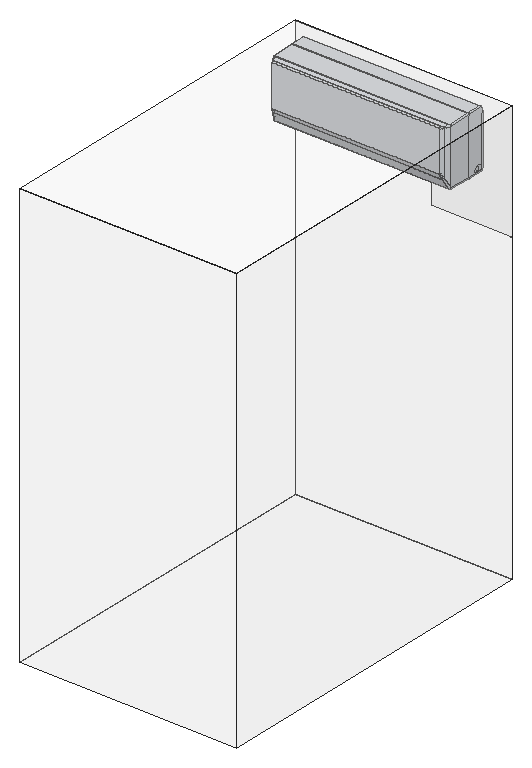
Revit family "pk-rp28112lka20_60hz", category 機械設備, Revit 2019
Family settings
  丸型コネクタ寸法 = 直径を使用
  パーツ タイプ = 標準
  OmniClass 番号 = 23.75.10.24.21.27.27
  OmniClass タイトル = Split System Air Conditioning Units
  作業面ベース = いいえ
  常に垂直 = はい
  ロード時にボイドで切り取り = いいえ
  共有 = いいえ
  部屋計算ポイント = はい
Parameters (values of type "壁掛_PK-RP28LA4")
  風量_静 (m3/min) = 6.3
  風量_強 (m3/min) = 8.7
  風量_弱 (m3/min) = 7.3
  風量_中 (m3/min) = 8
  風量 = MAX風量  # 522.0 m³/h
  音響パワーレベル_静 (dB) = 45
  音響パワーレベル_弱 (dB) = 48
  音響パワーレベル_中 (dB) = 50
  音響パワーレベル_強 (dB) = 52
  音響パワーレベル(dB) = [音響パワーレベル_強 (dB)]  # 52
  電源種別 = ""
  電源_H = 0 mm
  電圧 = 0 V
  電動機出力_送風機 = 0.03 kW
  運転質量 = 0.00 kg
  連動 = ""
  質量 = if(製品質量 > 運転質量, 製品質量, 運転質量) * 1.2  # 15.00 kg
  負荷分類 = 3_ファン類
  構成品番 = "PK-RP28LA4"
  壁掛_PK-RP80_112KA17 = no
  壁掛_PK-RP56_71KA17 = no
  壁掛_PK-RP40_50LA = yes
  冷媒液管位置-Z = 280 mm
  冷媒液管位置-Y = 23 mm
  冷媒液管位置-X = 711 mm
  冷媒ガス管位置-Z = 268 mm
  冷媒ガス管位置-Y = 23 mm
  冷媒ガス管位置-X = 642 mm
  ドレン管径 (外径) = 22 mm
  ドレン位置-Z = 274 mm
  ドレン位置-Y = 37 mm
  ドレン位置-X = 660 mm
  サービススペース PK-RP56KA～PK-RP71KA = no
  サービススペース PK-RP40LA～PK-RP50LA / PK-RP80KA～PK-RP112KA = yes
  【値が 0 の項目は組合せ形名にてご確認ください】 = ""
  URL = "https://www.mitsubishielectric.co.jp/ldg/wink/ssl/top.do"
  Space Top = 50 mm
  Space Right_1 = 260 mm
  Space Right = 150 mm
  Space Left = 50 mm
  Space Bot_2 = 250 mm
  Space Bot_1 = 7 mm
  MIN２風量 = [風量_静 (m3/min)] * 60.0 m³/h  # 378.0 m³/h
  MIN風量 = [風量_弱 (m3/min)] * 60.0 m³/h  # 438.0 m³/h
  MID風量 = [風量_中 (m3/min)] * 60.0 m³/h  # 480.0 m³/h
  MAX風量 = [風量_強 (m3/min)] * 60.0 m³/h  # 522.0 m³/h
  説明 = "店舗・事務所用パッケージエアコン(Mr.SLIM) 壁掛形<ワイヤード>"
  設計暖房能力 = 0.00 kW
  設計冷房能力_顕熱 = 0 kW
  設計冷房能力 = 0 kW
  設置方法 = "壁掛形"
  記号 = ""
  製造元 = "三菱電機株式会社"
  製品質量 = 12.50 kg
  製品出荷対象 = "国内"
  製品リリース年月 = ""
  製品グループ = ""
  系統 = ""
  符号 = "PAC_WR"
  積算_科目 = "1 空気調和設備"
  積算_拾い区分 [instance] = ""
  相 = 1
  盤記号 = ""
  発停方法 = "付属スイッチ"
  特殊仕様 = ""
  火災停止 = ""
  消費電力_暖房 = 0.02 kW
  消費電力_冷房 = 0.03 kW
  消費電力 = if(消費電力_冷房 > 消費電力_暖房, 消費電力_冷房, 消費電力_暖房)  # 0.03 kW
  法定耐用年数 = "6"
  極数 = 1
  材質 = ""
  本体マテリアル = none
  有効加湿量 = 0
  暖房能力 = 2.80 kW
  推奨ブレーカー容量 = 0 A
  形式_加湿器 = ""
  形式 = "壁掛（露出）形"
  幹線記号 = ""
  始動方式 = "直入"
  呼称 = "室内機_壁掛（露出）形"
  周波数 = 60 Hz
  吊り位置Y = 0 mm
  吊り位置X = 0 mm
  吊りボルト_H = 0 mm
  台数_手元リモコン = ""
  台数_冷媒分岐ユニット = ""
  参照している仕様書等のバージョン = "公共建築工事標準仕様書（機械設備工事編）平成31年度版"
  加湿給水管径 = 0.00 mm
  分類コード = "5.0053E+13"
  分類グループ = ""
  冷房能力 = 2.5 kW
  冷媒高低圧ガス管径 = 0.00 mm
  冷媒管径符号 = "Ac"
  冷媒管径 = 100.00 mm
  冷媒液管径 = 6.35 mm
  冷媒ガス管径 = 12.70 mm
  企業コード = "108420"
  付属品_フィルター = ""
  付属品 = ""
  仕様書バージョン = "Version1.0"
  Model = ""
  パネルマテリアル = none
  ドレン管径 = 16.00 mm
  サービススペース = yes
  コメント [instance] = ""
  ケーブル種類 = ""
  ケーブルサイズ = 0 mm
  Width = 898 mm
  Uniclass2015Version = "Systems v1.9"
  Uniclass2015Title = "Split coil remote air cooled condensing units"
  Uniclass2015Code = "Pr_70_65_03_84"
  SpecificationReference = ""
  SpecificationDescription = ""
  S_H = 356 mm
  Revision = ""
  ProductInformation = ""
  OmniClassCode = "23-33 17 13 11"
  IfcTypeProduct = ""
  IfcProduct = ""
  IfcExportType = "AIRCONDITIONINGUNIT"
  IfcExportAs = "IfcUnitaryEquipmentType"
  Height = 299 mm
  Depth = 237 mm
  価格 = 0
  Clearance Top = 50 mm
  Clearance Right = 150 mm
  Clearance Left = 50 mm
  Clearance Front = 1500 mm
  Clearance Bottom = 1800 mm
  Clearance Back = 0 mm
  Author = "三菱電機株式会社"
Reference planes
  plane 1 "中心(正面/背面)": y = 0
  plane 2: z = 11
  plane 3 "中心(左/右)": x = 0
  plane 4: x = -449
  plane 5: x = 449
  plane 6: z = -288
  plane 7: y = -242
  plane 8: y = -5
  plane 9: x = -211
  plane 10: x = -193
  plane 11: x = -262
  plane 12: y = -28
  plane 13: y = -28
  plane 14: y = -42
  plane 15: z = -269
  plane 16: z = -257
  plane 17: z = -263
  plane 18: z = 61
  plane 19: x = -499
  plane 20: x = 599
  plane 21: z = -295
  plane 22: z = -538
  plane 23: x = 189
  plane 24: y = -1742
  plane 25: z = -2088
  plane 26: x = -499
  plane 27: x = 599
  plane 28: y = -28
Forms (mm)
  Extrusion 1, solid, detail levels fine
    sketch origin (-88.875, 0, -1713) x (-1, 0, 0) y (0, 0, 1)
      loop
        line (-487.875, 1574) -> (-487.875, 1549) -> (-462.875, 1549) -> (-462.875, 1574) -> (-487.875, 1574)
    from -1 to 0
  Extrusion 2, solid, detail levels fine
    sketch origin (0, 0, 0) x (0, 1, 0) y (0, 0, 1)
      loop
        circle (-42, -263) r 11
    from 444 to 449
  Extrusion 3, solid, detail levels fine
    sketch origin (0, 0, 0) x (0, 1, 0) y (0, 0, 1)
      loop
        circle (-28, -263) r 15
    from 444 to 449
Dimensions and locks
  equal spacing: plane 5, plane 3 "中心(左/右)", plane 4
  "Width": plane 5 to plane 4
  "Height": level to plane 6
  locked: plane 8 to plane 1 "中心(正面/背面)" at 5
  "Depth": plane 7 to plane 8
  "ドレン位置-X": plane 5 to plane 9
  "冷媒ガス管位置-X": plane 5 to plane 10
  "冷媒液管位置-X": plane 5 to plane 11
  "ドレン位置-Y": plane 14 to plane 8
  "冷媒ガス管位置-Y": plane 13 to plane 8
  "冷媒液管位置-Y": plane 12 to plane 8
  "ドレン位置-Z": level to plane 17
  "冷媒ガス管位置-Z": level to plane 16
  "冷媒液管位置-Z": level to plane 15
  "Space Top": plane 18 to level
  "Space Left": plane 4 to plane 19
  "Space Right": plane 20 to plane 5
  "Space Bot_1": plane 6 to plane 21
  "Space Bot_2": plane 6 to plane 22
  "Space Right_1": plane 5 to plane 23
  equal spacing: plane 16, Extrusion 3 sketch curve, plane 15
  equal spacing: plane 12, Extrusion 3 sketch curve, plane 13
  locked: plane 5 to Extrusion 3 at 5
  "Clearance Front": plane 24 to plane 7
  "Clearance Bottom": plane 6 to plane 25
  "Clearance Left": plane 4 to plane 26
  "Clearance Right": plane 27 to plane 5
  plane 5 to Extrusion 1 sketch curve = 50 mm
  nested 3 to Extrusion 1 sketch curve = 150 mm
  "Clearance Top": nested 4 to plane 2
  "ドレン管径 (外径)": diameter of Extrusion 2 sketch curve
  aligned and locked: level to plane 2
  aligned and locked: plane 1 "中心(正面/背面)" to nested 1
  aligned and locked: plane 1 "中心(正面/背面)" to nested 2
  aligned and locked: plane 1 "中心(正面/背面)" to nested 3
  aligned and locked: level to nested 1
  aligned and locked: level to nested 3
  aligned and locked: plane 3 "中心(左/右)" to nested 2
  aligned and locked: plane 3 "中心(左/右)" to nested 1
  aligned and locked: plane 3 "中心(左/右)" to nested 3
  aligned and locked: plane 14 to Extrusion 2 sketch curve
  aligned and locked: plane 17 to Extrusion 2 sketch curve
  aligned and locked: plane 5 to Extrusion 3
  aligned and locked: plane 5 to Extrusion 2
  aligned and locked: Extrusion 3 to Extrusion 2
  aligned and locked: plane 1 "中心(正面/背面)" to nested 4
  aligned and locked: plane 24 to nested 4
  aligned and locked: plane 25 to nested 4
  aligned and locked: plane 26 to nested 4
  aligned and locked: plane 27 to nested 4
  aligned and locked: plane 18 to nested 4
  aligned and locked: plane 1 "中心(正面/背面)" to nested 5
  aligned and locked: plane 3 "中心(左/右)" to nested 5
  aligned and locked: plane 2 to nested 3
Automatic sketch dimensions
  Extrusion 1 sketch curve to plane 5 = 75 mm
  Extrusion 1 sketch curve to Extrusion 1 sketch curve = 25 mm
  radius of Extrusion 3 sketch curve = 15 mm
Nested families
  nested 1: "pk-rp40_50(la)ka17" at (0, 0, 10), type "壁掛_PK-RP40_50LA", detail levels fine
  nested 2: "pk-rp56_71(la)ka17" at (0, 0, 11), type "壁掛_PK-RP56_71KA17"
    with 壁掛_PK-RP56-71KA17 no
  nested 3: "pk-rp80_112(la)ka17" at (0, 0, 11), type "壁掛_PK-RP80_112KA17"
    with 壁掛_PK-RP80_112KA17 no, 冷媒液管径 6.35 mm, 冷媒ガス管径 12.70 mm
  nested 4: "サービススペース" at (50, -871, -1013.5), visible <- "サービススペース", type "サービススペース"
    with Width 1098 mm, Height 2149 mm, Depth 1742 mm
  nested 5: "Space View" at (0, 0, 11), Bot_1 <- "Space Bot_1", Bot_2 <- "Space Bot_2", Hight <- "Height", Left <- "Space Left", Right <- "Space Right", Right_1 <- "Space Right_1", Top <- "Space Top", Width <- "Width", Space View <- "サービススペース PK-RP40LA～PK-RP50LA / PK-RP80KA～PK-RP112KA", type "Space View"
    with Width 898 mm, Top 50 mm, Space View yes, Right_1 260 mm, Right 150 mm, Left 50 mm, Hight 299 mm, Bot_2 250 mm, Bot_1 7 mm
Connectors
  piping at (449, -42, -263), diameter 22, driven by "ドレン管径 (外径)"
    settings: on Extrusion 2, index 1, connector inside diameter 609.60 mm, connector length 0 mm, flow factor 0, pipe flow 0.0 L/s, pressure drop 0.0 Pa, fitting loss kfactor 0, connector angle 0.00°, fixture units 0, engagement length 0 mm, angle of deflection 0.00°, flow configuration 1, flow direction 2, fitting loss method 4, system type 16, joint type 0, gender type 0, connector reference index -1, connector utility 0, adjustable connector no, is connector primary yes, connector description ""
  piping at (449, -28, -263), diameter 100, driven by "冷媒管径", driven by "冷媒管径符号"
    settings: on Extrusion 3, index 2, connector inside diameter 609.60 mm, connector length 0 mm, flow factor 0, pipe flow 0.0 L/s, pressure drop 0.0 Pa, fitting loss kfactor 0, connector angle 0.00°, fixture units 0, engagement length 0 mm, angle of deflection 0.00°, flow configuration 1, flow direction 1, fitting loss method 4, system type 7, joint type 0, gender type 0, connector reference index -1, connector utility 0, adjustable connector no, is connector primary no, connector description "Ac"
  electrical at (386.5, 0, -151.5), driven by "極数", driven by "負荷分類", driven by "電圧", driven by "消費電力"
    settings: on Extrusion 1, index 3, voltage 0 V, apparent load 30 VA, apparent load phase1 0 VA, apparent load phase2 0 VA, apparent load phase3 0 VA, power factor 1, load classification "3_ファン類", number of poles 1, system type 30, power factor state 1, is connector primary yes, connector utility no, sub classification motor no, connector description ""
Definition of nested family "pk-rp40_50(la)ka17"
  Parameters (values of type "壁掛_PK-RP40_50LA")
    壁掛_PK-RP40_50LA = yes
    冷媒液管位置-Y = 37 mm
    冷媒液管位置-X = 711 mm
    冷媒ガス管位置-Y = 23 mm
    冷媒ガス管位置-X = 642 mm
    ドレン管径 (外径) = 22 mm
    ドレン位置-Y = 23 mm
    ドレン位置-X = 660 mm
    URL = ""
    Description = ""
    Manufacturer = ""
    冷媒管径符号 = "Ac"
    冷媒管径 = 100.00 mm
    冷媒液管位置-Z = 280 mm
    冷媒液管径 = 6.35 mm
    冷媒ガス管位置-Z = 268 mm
    冷媒ガス管径 = 12.70 mm
    Model = ""
    ドレン位置-Z = 274 mm
    ドレン管径 = 16.00 mm
    Width = 898 mm
    S_H = 356 mm
    Height = 299 mm
    Depth = 237 mm
    Cost = 0
  Reference planes
    plane 1 "中心(正面/背面)": y = 0
    plane 2: z = 1
    plane 3 "中心(左/右)": x = 0
    plane 4 "UNDER": z = -298
    plane 5 "Left": x = -449
    plane 6: x = 449
    plane 7 "Fkidasi_L": x = -400
    plane 8 "Fkidasi_X": x = -262
    plane 9 "Fkidasi_Y": x = -193
    plane 10: y = -5
    plane 11: y = -42
    plane 12: y = -242
    plane 13: z = -279
    plane 14: z = -267
    plane 15: z = -273
    plane 16: y = -28
    plane 17: y = -28
    plane 18: x = -211
    plane 19: z = 1
    plane 20: x = 0
    plane 21: x = 0
  Forms (mm)
    Extrusion 1, void, detail levels fine
      sketch origin (0, 75, -2499) x (0, -1, 0) y (0, 0, 1)
        loop
          line (89, 2500) -> (80, 2500) -> (80, 2487) -> (89, 2500)
      from 449 to -449
    Extrusion 2, solid, visible <- "壁掛_PK-RP40_50LA", detail levels fine
      sketch origin (0, 0, -2509.072) x (-1, 0, 0) y (0, 0, 1)
        loop
          line (449, 2485.072) -> (-449, 2485.072) -> (-449, 2224.072) -> (449, 2224.072) -> (449, 2485.072)
      from 0 to -5
    Extrusion 3, solid, visible <- "壁掛_PK-RP40_50LA", detail levels fine
      sketch origin (0, -5, -2499) x (0, 0, -1) y (-1, 0, 0)
        loop
          line (-2500, 444) -> (-2500, -444)
          arc (-2500, -444) -> (-2498.536, -447.536) -> (-2495, -449) r 5
          line (-2495, -449) -> (-2206, -449)
          arc (-2206, -449) -> (-2202.464, -447.536) -> (-2201, -444) r 5
          line (-2201, -444) -> (-2201, 444)
          arc (-2201, 444) -> (-2202.464, 447.536) -> (-2206, 449) r 5
          line (-2206, 449) -> (-2495, 449)
          arc (-2495, 449) -> (-2498.536, 447.536) -> (-2500, 444) r 5
      from 0 to -83
    Blend 4, solid, visible <- "壁掛_PK-RP40_50LA"
      base sketch origin (0, -202, -1799) x (0, 0, 1) y (1, 0, 0)
        loop
          line (1796, -444) -> (1796, 444)
          arc (1796, 444) -> (1794.536, 447.536) -> (1791, 449) r 5
          line (1791, 449) -> (1515, 449)
          arc (1515, 449) -> (1508.636, 446.364) -> (1506, 440) r 9
          line (1506, 440) -> (1506, -440)
          arc (1506, -440) -> (1508.636, -446.364) -> (1515, -449) r 9
          line (1515, -449) -> (1791, -449)
          arc (1791, -449) -> (1794.536, -447.536) -> (1796, -444) r 5
      top sketch origin (0, -202, -1799) x (0, 0, 1) y (1, 0, 0)
        loop
          line (1793, -427) -> (1793, 427)
          arc (1793, 427) -> (1791.536, 430.536) -> (1788, 432) r 5
          line (1788, 432) -> (1559, 432)
          arc (1559, 432) -> (1555.464, 430.536) -> (1554, 427) r 5
          line (1554, 427) -> (1554, -427)
          arc (1554, -427) -> (1555.464, -430.536) -> (1559, -432) r 5
          line (1559, -432) -> (1788, -432)
          arc (1788, -432) -> (1791.536, -430.536) -> (1793, -427) r 5
      from 0 to -25
    Blend 5, solid, visible <- "壁掛_PK-RP40_50LA", detail levels fine
      base sketch origin (0, -227, -1799) x (0, 0, 1) y (1, 0, 0)
        loop
          arc (1793, 427) -> (1791.536, 430.536) -> (1788, 432) r 5
          line (1788, 432) -> (1559, 432)
          arc (1559, 432) -> (1555.464, 430.536) -> (1554, 427) r 5
          line (1554, 427) -> (1554, -427)
          arc (1554, -427) -> (1555.464, -430.536) -> (1559, -432) r 5
          line (1559, -432) -> (1788, -432)
          arc (1788, -432) -> (1791.536, -430.536) -> (1793, -427) r 5
          line (1793, -427) -> (1793, 427)
      top sketch origin (0, -227, -1799) x (0, 0, 1) y (1, 0, 0)
        loop
          line (1793, -419) -> (1793, 419)
          arc (1793, 419) -> (1791.536, 422.536) -> (1788, 424) r 5
          line (1788, 424) -> (1590, 424)
          arc (1590, 424) -> (1586.464, 422.536) -> (1585, 419) r 5
          line (1585, 419) -> (1585, -419)
          arc (1585, -419) -> (1586.464, -422.536) -> (1590, -424) r 5
          line (1590, -424) -> (1788, -424)
          arc (1788, -424) -> (1791.536, -422.536) -> (1793, -419) r 5
      from 0 to -15
    Blend 6, solid, visible <- "壁掛_PK-RP40_50LA", detail levels fine
      base sketch origin (62.5, -88, -1799) x (0, 0, 1) y (1, 0, 0)
        loop
          arc (1800, 381.5) -> (1798.536, 385.036) -> (1795, 386.5) r 5
          line (1795, 386.5) -> (1506, 386.5)
          arc (1506, 386.5) -> (1502.464, 385.036) -> (1501, 381.5) r 5
          line (1501, 381.5) -> (1501, -506.5)
          arc (1501, -506.5) -> (1502.464, -510.036) -> (1506, -511.5) r 5
          line (1506, -511.5) -> (1795, -511.5)
          arc (1795, -511.5) -> (1798.536, -510.036) -> (1800, -506.5) r 5
          line (1800, -506.5) -> (1800, 381.5)
      top sketch origin (62.5, -88, -1799) x (0, 0, 1) y (1, 0, 0)
        loop
          line (1796, -506.5) -> (1796, 381.5)
          arc (1796, 381.5) -> (1794.536, 385.036) -> (1791, 386.5) r 5
          line (1791, 386.5) -> (1511, 386.5)
          arc (1511, 386.5) -> (1507.464, 385.036) -> (1506, 381.5) r 5
          line (1506, 381.5) -> (1506, -502.5)
          arc (1506, -502.5) -> (1508.636, -508.864) -> (1515, -511.5) r 9
          line (1515, -511.5) -> (1791, -511.5)
          arc (1791, -511.5) -> (1794.536, -510.036) -> (1796, -506.5) r 5
      from 0 to -114
    Sweep 7, solid, visible <- "壁掛_PK-RP40_50LA", detail levels fine
      path origin (0, 75, -1799) x (-1, 0, 0) y (0, 0, 1)
        loop
          line (262, 1521) -> (-271, 1521)
      profile origin (4.5, 75, -278) x (0, 0, -1) y (0, 1, 0)
        loop
          circle (1, -103) r 3.175
    Sweep 8, solid, visible <- "壁掛_PK-RP40_50LA", detail levels fine
      path origin (0, 75, -1799) x (-1, 0, 0) y (0, 0, 1)
        loop
          line (-257, 1533) -> (193, 1533)
      profile origin (32, 75, -266) x (0, 0, 1) y (0, 1, 0)
        loop
          circle (-1, -103) r 6.35
    Sweep 9, solid, visible <- "壁掛_PK-RP40_50LA", detail levels fine
      path origin (0, 75, -1799) x (-1, 0, 0) y (0, 0, 1)
        loop
          line (211, 1527) -> (-289, 1527)
      profile origin (39, 75, -272) x (0, 0, -1) y (0, 1, 0)
        loop
          circle (1, -117) r 11
  Cuts and joins
    Extrusion 1 cuts Extrusion 3
  Lines and regions (mm)
    model lines, visible <- "壁掛_PK-RP40_50LA", detail levels fine
      curve 1: line (274, -5, -298) -> (274, -54, -298)
      curve 2: line (292, -72, -298) -> (331, -72, -298)
      curve 3: line (349, -54, -298) -> (349, -5, -298)
      curve 4: line (324, -54, -298) -> (324, -5, -298)
      curve 5: arc (292, -72, -298) -> (279.272, -66.728, -298) -> (274, -54, -298) r 18
      curve 6: arc (306, -72, -298) -> (318.728, -66.728, -298) -> (324, -54, -298) r 18
      curve 7: arc (331, -72, -298) -> (343.728, -66.728, -298) -> (349, -54, -298) r 18
      curve 8: line (-430, -5, -298) -> (-430, -54, -298)
      curve 9: line (-412, -72, -298) -> (-378, -72, -298)
      curve 10: line (-360, -54, -298) -> (-360, -5, -298)
      curve 11: line (-399.073, -53.123, -298) -> (-399.073, -5, -298)
      curve 12: arc (-412, -72, -298) -> (-424.728, -66.728, -298) -> (-430, -54, -298) r 18
      curve 13: arc (-399.073, -53.123, -298) -> (-394.55, -65.481, -298) -> (-383.118, -72, -298) r 19.145
      curve 14: arc (-360, -54, -298) -> (-365.272, -66.728, -298) -> (-378, -72, -298) r 18
      curve 15: line (366.5, -202, -293) -> (366.5, -208.929, -279.696)
      curve 16: line (366.5, -208.929, -279.696) -> (326.5, -208.929, -279.696)
      curve 17: line (326.5, -208.929, -279.696) -> (326.5, -202, -293)
      curve 18: line (326.5, -202, -293) -> (326.5, -188.513, -293.592)
      curve 19: line (326.5, -188.513, -293.592) -> (366.5, -188.513, -293.592)
      curve 20: line (366.5, -188.513, -293.592) -> (366.5, -202, -293)
      curve 21: line (449, -5, -229) -> (449, -52, -229)
      curve 22: line (449, -70, -247) -> (449, -70, -270)
      curve 23: line (449, -52, -288) -> (449, -5, -288)
      curve 24: line (449, -49.143, -241) -> (449, -5, -241)
      curve 25: arc (449, -52, -288) -> (449, -64.728, -282.728) -> (449, -70, -270) r 18
      curve 26: arc (449, -52, -229) -> (449, -64.728, -234.272) -> (449, -70, -247) r 18
      curve 27: arc (449, -70, -261.857) -> (449, -63.891, -247.109) -> (449, -49.143, -241) r 20.857
      curve 28: line (-449, -5, -288) -> (-449, -52, -288)
      curve 29: line (-449, -70, -270) -> (-449, -70, -236)
      curve 30: line (-449, -52, -218) -> (-449, -5, -218)
      curve 31: line (-449, -5, -238) -> (-449, -52, -238)
      curve 32: arc (-449, -52, -288) -> (-449, -64.728, -282.728) -> (-449, -70, -270) r 18
      curve 33: arc (-449, -70, -236) -> (-449, -64.728, -223.272) -> (-449, -52, -218) r 18
      curve 34: arc (-449, -70, -256) -> (-449, -64.728, -243.272) -> (-449, -52, -238) r 18
      curve 35: line (-400, -227, -245) -> (-400, -202, -293)
      curve 36: line (250, -227, -245) -> (250, -202, -293)
      curve 37: line (250, -202, -293) -> (250, -88, -298)
      curve 38: line (-400, -200.122, -293.082) -> (-400, -88, -298)
  Dimensions and locks
    "Width": plane 5 "Left" to plane 6
    plane 5 "Left" to plane 3 "中心(左/右)" to plane 6 = 449 mm, 449 mm
    equal spacing: plane 5 "Left", plane 3 "中心(左/右)", plane 6
    "Depth": plane 10 to plane 12
    "ドレン位置-Z": level to plane 15
    "冷媒ガス管位置-Z": level to plane 14
    "冷媒液管位置-Z": level to plane 13
    "Height": level to plane 4 "UNDER"
    "ドレン位置-Y": plane 10 to plane 17
    "冷媒ガス管位置-Y": plane 10 to plane 16
    "冷媒液管位置-Y": plane 10 to plane 11
    "冷媒液管位置-X": plane 6 to plane 8 "Fkidasi_X"
    "冷媒ガス管位置-X": plane 6 to plane 9 "Fkidasi_Y"
    "ドレン位置-X": plane 6 to plane 18
    locked: plane 10 to plane 1 "中心(正面/背面)" at 5
    "冷媒液管径": diameter of Sweep 7 sketch curve
    "冷媒ガス管径": diameter of Sweep 8 sketch curve
    "ドレン管径 (外径)": diameter of Sweep 9 sketch curve
    aligned and locked: level to plane 2
    aligned and locked: Sweep 8 to plane 9 "Fkidasi_Y"  (x2)
    aligned and locked: Sweep 7 to plane 8 "Fkidasi_X"
    aligned and locked: plane 12 to Blend 5
    aligned and locked: plane 15 to Sweep 9 sketch curve
    aligned and locked: plane 14 to Sweep 8 sketch curve
    aligned and locked: plane 13 to Sweep 7 sketch curve
    aligned and locked: plane 17 to Sweep 7 sketch curve
    aligned and locked: plane 16 to Sweep 8 sketch curve
    aligned and locked: plane 11 to Sweep 9 sketch curve
    aligned and locked: plane 20 to plane 3 "中心(左/右)"
    aligned and locked: plane 21 to plane 20
  Automatic sketch dimensions
    Extrusion 1 sketch curve to plane 10 = 0 mm
    Extrusion 1 sketch curve to plane 10 = 9 mm
    Extrusion 2 sketch curve to plane 6 = 0 mm
    plane 5 "Left" to Extrusion 2 sketch curve = 0 mm
    Extrusion 2 sketch curve to level = 286 mm
    Extrusion 3 sketch curve to plane 6 = 0 mm
    plane 5 "Left" to Extrusion 3 sketch curve = 0 mm
    Extrusion 3 sketch curve to level = 299 mm
    Extrusion 3 sketch curve to level = 294 mm  (x2)
    plane 5 "Left" to Blend 4 sketch curve = 0 mm
    Blend 4 sketch curve to plane 6 = 0 mm
    Blend 4 sketch curve to level = 294 mm
    Blend 4 sketch curve to Blend 4 sketch curve = 9 mm  (x2)
    Blend 4 sketch curve to plane 6 = 5 mm
    Blend 4 sketch curve to plane 6 = 22 mm
    Blend 4 sketch curve to level = 246 mm
    Blend 4 sketch curve to Blend 4 sketch curve = 5 mm  (x4)
    Blend 4 sketch curve to plane 5 "Left" = 22 mm
    Blend 5 sketch curve to level = 246 mm
    Blend 5 sketch curve to Blend 5 sketch curve = 5 mm  (x7)
    Blend 5 sketch curve to plane 5 "Left" = 17 mm
    Blend 5 sketch curve to plane 6 = 22 mm
    Blend 5 sketch curve to plane 7 "Fkidasi_L" = 19 mm
    Blend 5 sketch curve to level = 215 mm
    Blend 5 sketch curve to plane 6 = 30 mm
    Blend 6 sketch curve to level = 299 mm
    Blend 6 sketch curve to plane 6 = 0 mm  (x2)
    plane 5 "Left" to Blend 6 sketch curve = 0 mm  (x2)
    Blend 6 sketch curve to level = 294 mm  (x3)
    Blend 6 sketch curve to plane 6 = 5 mm  (x2)
    Blend 6 sketch curve to Blend 6 sketch curve = 9 mm
    curve 11 to Extrusion 3 = 0 mm
    curve 1 to Extrusion 3 = 0 mm
    curve 8 to Extrusion 3 = 0 mm
    curve 4 to Extrusion 3 = 0 mm
    curve 3 to Extrusion 3 = 0 mm
    curve 10 to Extrusion 3 = 0 mm
    curve 13 to Extrusion 3 = 34.877 mm
    curve 12 to curve 13 = 0.877 mm
    curve 10 to curve 13 = 0.877 mm
    curve 3 to Extrusion 3 = 34 mm
    curve 4 to curve 7 = 0 mm
    curve 9 to Extrusion 3 = 16 mm
    curve 2 to Extrusion 3 = 16 mm
    Extrusion 3 to curve 3 = 95 mm
    curve 7 to curve 4 = 7 mm
    curve 6 to curve 2 = 14 mm
    Extrusion 3 to curve 10 = 84 mm
    curve 14 to curve 13 = 1.927 mm
    curve 13 to curve 11 = 19.145 mm
    curve 13 to curve 12 = 12.927 mm
    curve 35 to Blend 4 = 0 mm
    Blend 4 to curve 35 = 0 mm
    Blend 4 to curve 36 = 0 mm
    curve 36 to Blend 4 = 0 mm
    curve 17 to Blend 4 = 0 mm
    curve 15 to Blend 4 = 0 mm
    Blend 4 to curve 17 = 15 mm
    curve 17 to Blend 4 = 106.857 mm
    curve 16 to curve 15 = 40 mm
    curve 36 to curve 17 = 76.5 mm
    curve 35 to curve 36 = 650 mm
    curve 38 to Blend 6 = 0 mm
    curve 37 to Blend 6 = 0 mm
    Blend 6 to curve 37 = 0 mm
    Blend 6 to curve 18 = 0 mm
    Blend 6 to curve 20 = 0 mm
    Blend 6 to curve 19 = 13.5 mm
    curve 19 to Blend 6 = 117.5 mm
    curve 18 to curve 19 = 40 mm
    curve 37 to curve 18 = 76.5 mm
    curve 38 to curve 37 = 650 mm
    Blend 6 to curve 38 = 1.879 mm
    curve 21 to Extrusion 3 = 0 mm
    curve 24 to Extrusion 3 = 0 mm
    curve 23 to Extrusion 3 = 0 mm
    curve 21 to curve 24 = 12 mm
    Extrusion 3 to curve 22 = 18 mm
    curve 24 to curve 22 = 6 mm
    curve 26 to curve 27 = 14.857 mm
    curve 27 to curve 25 = 8.143 mm
    curve 23 to Extrusion 3 = 5 mm
    curve 28 to Extrusion 3 = 0 mm
    curve 31 to Extrusion 3 = 0 mm
    curve 30 to Extrusion 3 = 0 mm
    curve 28 to Extrusion 3 = 5 mm
    curve 29 to Extrusion 3 = 23 mm
    curve 32 to curve 34 = 14 mm
    curve 34 to curve 31 = 18 mm
    curve 34 to curve 33 = 2 mm
    curve 33 to curve 30 = 18 mm
    Extrusion 3 to curve 32 = 36 mm
    Sweep 7 sketch curve to plane 8 "Fkidasi_X" = 0 mm
    Sweep 8 sketch curve to plane 9 "Fkidasi_Y" = 0 mm
    Sweep 9 sketch curve to plane 9 "Fkidasi_Y" = 18 mm
    Extrusion 1 sketch curve to level = 13 mm
    Extrusion 1 sketch curve to level = 0 mm
    Extrusion 2 sketch curve to level = 25 mm
    Extrusion 3 sketch curve to level = 5 mm  (x2)
    Extrusion 3 sketch curve to level = 0 mm
    Blend 4 sketch curve to level = 9 mm  (x2)
    Blend 4 sketch curve to level = 12 mm
    Blend 5 sketch curve to level = 12 mm  (x3)
    Blend 6 sketch curve to level = 5 mm  (x2)
    Blend 6 sketch curve to level = 0 mm
    Blend 6 sketch curve to level = 9 mm  (x2)
    plane 13 to Sweep 7 sketch curve = 1 mm
    plane 14 to Sweep 8 sketch curve = 1 mm
    plane 15 to Sweep 9 sketch curve = 1 mm
    curve 5 to curve 6 = 0 mm
    Sweep 7 sketch curve to plane 6 = 178 mm
    Sweep 8 sketch curve to plane 6 = 192 mm
    Sweep 9 sketch curve to plane 6 = 160 mm
    curve 22 to Extrusion 3 = 23 mm
Definition of nested family "サービススペース"
  Parameters (values of type "サービススペース")
    Width [instance] = 500 mm
    Height [instance] = 500 mm
    Depth [instance] = 500 mm
  Reference planes
    plane 1 "中心(正面/背面)": y = 0
    plane 2: z = 0
    plane 3 "中心(左/右)": x = 0
    plane 4: y = -250
    plane 5: x = 250
    plane 6: y = 250
    plane 7: x = -250
    plane 8: z = 250
    plane 9: z = -250
  Forms (mm)
    Extrusion 1, solid
      sketch origin (-638.939, 0, 72.39) x (1, 0, 0) y (0, 1, 0)
        loop
          line (388.939, 250) -> (388.939, -250) -> (888.939, -250) -> (888.939, 250) -> (388.939, 250)
      from -322.39 to 177.61
  Lines and regions (mm)
    symbolic lines
      curve 1: line (-250, 0, 250) -> (250, 0, 250)
      curve 2: line (-250, 0, -250) -> (-250, 0, 250)
      curve 3: line (250, 0, -250) -> (-250, 0, -250)
      curve 4: line (250, 0, 250) -> (250, 0, -250)
      curve 5: line (0, -250, 250) -> (0, 250, 250)
      curve 6: line (0, -250, -250) -> (0, -250, 250)
      curve 7: line (0, 250, -250) -> (0, -250, -250)
      curve 8: line (0, 250, 250) -> (0, 250, -250)
      curve 9: line (-250, 250, 0) -> (250, 250, 0)
      curve 10: line (-250, -250, 0) -> (-250, 250, 0)
      curve 11: line (250, -250, 0) -> (-250, -250, 0)
      curve 12: line (250, 250, 0) -> (250, -250, 0)
  Dimensions and locks
    equal spacing: plane 7, plane 3 "中心(左/右)", plane 5
    equal spacing: plane 4, plane 1 "中心(正面/背面)", plane 6
    "Depth": plane 4 to plane 6
    "Width": plane 7 to plane 5
    equal spacing: plane 8, plane 2, plane 9
    "Height": plane 8 to plane 9
    aligned and locked: plane 9 to curve 3
    aligned and locked: plane 7 to curve 2
    aligned and locked: curve 4 to plane 5
    aligned and locked: plane 5 to Extrusion 1
    aligned and locked: Extrusion 1 to plane 7
    aligned and locked: Extrusion 1 to plane 9
    aligned and locked: plane 8 to Extrusion 1
    aligned and locked: plane 9 to curve 7
  Automatic sketch dimensions
    plane 4 to Extrusion 1 sketch curve = 0 mm
    Extrusion 1 sketch curve to plane 7 = 0 mm
    Extrusion 1 sketch curve to plane 5 = 0 mm
    plane 6 to Extrusion 1 sketch curve = 0 mm
    curve 2 to plane 8 = 0 mm
    plane 4 to curve 11 = 0 mm
    curve 11 to plane 7 = 0 mm
    curve 11 to plane 5 = 0 mm
    plane 6 to curve 10 = 0 mm
    curve 7 to plane 4 = 0 mm
    curve 7 to plane 6 = 0 mm
    curve 6 to plane 8 = 0 mm
Definition of nested family "Space View"
  Parameters (values of type "Space View")
    Width [instance] = 898 mm
    Top [instance] = 50 mm
    Space View [instance] = yes
    Right_1 [instance] = 260 mm
    Right [instance] = 150 mm
    Left [instance] = 50 mm
    Hight [instance] = 299 mm
    Bot_2 [instance] = 250 mm
    Bot_1 [instance] = 7 mm
  Reference planes
    plane 1 "Center (Front/Back)": y = 0
    plane 2: z = 0
    plane 3 "Center (Left/Right)": x = 0
    plane 4: x = -499
    plane 5: z = 50
    plane 6: x = 599
    plane 7: z = -306
    plane 8: z = -549
    plane 9: x = -449
    plane 10: x = 449
    plane 11: z = -299
    plane 12: x = 189
  Forms (mm)
    Extrusion 1, solid, visible <- "Space View"
      sketch origin (0, 0, -1800) x (-1, 0, 0) y (0, 0, 1)
        loop
          line (499, 1850) -> (-599, 1850) -> (-599, 1251) -> (-189, 1251) -> (-189, 1494) -> (499, 1494) -> (499, 1850)
      from 0 to -1
  Dimensions and locks
    equal spacing: plane 10, plane 3 "Center (Left/Right)", plane 9
    "Width": plane 10 to plane 9
    "Right": plane 10 to plane 6
    "Left": plane 9 to plane 4
    "Hight": level to plane 11
    "Bot_1": plane 11 to plane 7
    "Bot_2": plane 11 to plane 8
    "Top": plane 5 to level
    "Right_1": plane 12 to plane 10
    aligned and locked: level to plane 2
    aligned and locked: Extrusion 1 to plane 4
    aligned and locked: plane 5 to Extrusion 1
    aligned and locked: plane 6 to Extrusion 1
    aligned and locked: plane 7 to Extrusion 1
    aligned and locked: plane 8 to Extrusion 1
    aligned and locked: plane 5 to Extrusion 1 sketch curve
    aligned and locked: Extrusion 1 sketch curve to plane 4
    aligned and locked: Extrusion 1 sketch curve to plane 7
    aligned and locked: Extrusion 1 sketch curve to plane 8
    aligned and locked: Extrusion 1 sketch curve to plane 6
    aligned and locked: plane 12 to Extrusion 1
  Automatic sketch dimensions
    plane 10 to Extrusion 1 sketch curve = 260 mm
Definition of nested family "pk-rp56_71(la)ka17"
  Parameters (values of type "壁掛_PK-RP56_71KA17")
    壁掛_PK-RP56-71KA17 = yes
    冷媒液管位置-Z = 250 mm
    冷媒液管位置-Y = 25 mm
    冷媒液管位置-X = 673 mm
    冷媒ガス管位置-Z = 270 mm
    冷媒ガス管位置-Y = 25 mm
    冷媒ガス管位置-X = 603 mm
    ドレン管径 (外径) = 22 mm
    ドレン位置-Z = 300 mm
    ドレン位置-Y = 25 mm
    ドレン位置-X = 733 mm
    URL = ""
    Description = ""
    Manufacturer = ""
    冷媒管径符号 = "Ac"
    冷媒管径 = 100.00 mm
    冷媒液管径 = 6.35 mm
    冷媒ガス管径 = 12.70 mm
    Model = ""
    ドレン管径 = 16.00 mm
    Width = 1100 mm
    S_H = 404 mm
    Height = 325 mm
    Depth = 258 mm
    Cost = 0
  Reference planes
    plane 1 "中心(正面/背面)": y = 0
    plane 2: z = 0
    plane 3 "中心(左/右)": x = 0
    plane 4 "TOP": z = 0
    plane 5 "UNDER": z = -325
    plane 6 "Left": x = -550
    plane 7: x = 550
    plane 8 "Fkidasi_V": z = -332
    plane 9 "Fkidasi_Z": z = -300
    plane 10 "Fkidasi_AA": z = -270
    plane 11 "Fkidasi_BB": z = -250
    plane 12: x = 377
    plane 13 "Fkidasi_CC": x = -183
    plane 14 "Fkidasi_DD": x = -123
    plane 15 "Fkidasi_EE": x = -53
    plane 16: y = -5
    plane 17: y = -263
    plane 18: y = -30
    plane 19: y = -30
    plane 20: y = -30
    plane 21: z = 0
    plane 22: x = 0
  Forms (mm)
    Sweep 1, solid, visible <- "壁掛_PK-RP56-71KA17", detail levels fine
      path origin (0, 85, -1776) x (-1, 0, 0) y (0, 0, 1)
        loop
          line (-377, 1506) -> (53, 1506)
      profile origin (162, 85, -270) x (0, 0, 1) y (0, 1, 0)
        loop
          circle (0, -115) r 6.35
    Sweep 2, solid, visible <- "壁掛_PK-RP56-71KA17", detail levels fine
      path origin (0, 85, -1744) x (-1, 0, 0) y (0, 0, 1)
        loop
          line (123, 1494) -> (-377, 1494)
      profile origin (127, 85, -250) x (0, 0, -1) y (0, 1, 0)
        loop
          circle (0, -115) r 3.175
    Sweep 3, solid, visible <- "壁掛_PK-RP56-71KA17", detail levels fine
      path origin (0, 75, -1850) x (-1, 0, 0) y (0, -1, 0)
        loop
          line (183, 105) -> (-377, 105)
      profile origin (97, -30, -1850) x (0, 1, 0) y (0, 0, 1)
        loop
          circle (0, 1550) r 11
    Extrusion 4, solid, visible <- "壁掛_PK-RP56-71KA17"
      sketch origin (-572, -4.93, 72) x (0, 0, -1) y (0, -1, 0)
        loop
          arc (72, 6.933) -> (72.338, 5.549) -> (73.277, 4.477) r 3
          line (73.277, 4.477) -> (78.269, 0.976)
          arc (78.269, 0.976) -> (79.634, 0.302) -> (81.14, 0.07) r 5
          line (81.14, 0.07) -> (93.863, 0.07) -> (93.863, -3.73)
          arc (93.863, -3.73) -> (94.214, -4.579) -> (95.063, -4.93) r 1.2
          line (95.063, -4.93) -> (382.983, -4.93)
          arc (382.983, -4.93) -> (383.752, -4.777) -> (384.402, -4.34) r 2
          line (384.402, -4.34) -> (391.687, 2.995) -> (393.576, 2.486) -> (396.064, 2.486) -> (396.064, 74.487) -> (397, 74.487) -> (396.249, 96.275)
          arc (396.249, 96.275) -> (386.433, 144.686) -> (361.405, 187.272) r 149.804
          arc (361.405, 187.272) -> (360.715, 187.808) -> (359.863, 187.999) r 2
          line (359.863, 187.999) -> (351.218, 187.999) -> (351.218, 189.494) -> (358.547, 189.494)
          arc (358.547, 189.494) -> (359.077, 189.813) -> (359.045, 190.43) r 0.6
          arc (359.045, 190.43) -> (356.535, 194.254) -> (354.116, 198.136) r 193.914
          arc (354.116, 198.136) -> (346.059, 210.496) -> (337.22, 222.309) r 228.274
          line (337.22, 222.309) -> (330.325, 231.46)
          arc (330.325, 231.46) -> (329.848, 231.872) -> (329.245, 232.052) r 1.5
          arc (329.245, 232.052) -> (268.628, 247.266) -> (206.817, 256.492) r 639.712
          arc (206.817, 256.492) -> (187.622, 257.823) -> (168.382, 258) r 320.323
          arc (168.382, 258) -> (152.854, 257.385) -> (137.36, 256.189) r 414.965
          arc (137.36, 256.189) -> (135.749, 255.382) -> (135.1, 253.701) r 2.5
          line (135.1, 253.701) -> (135.1, 238.591) -> (133.187, 234.008)
          arc (133.187, 234.008) -> (111.703, 220.588) -> (95.132, 201.429) r 84.941
          arc (95.132, 201.429) -> (91.762, 195.916) -> (88.556, 190.306) r 219.053
          arc (88.556, 190.306) -> (88.564, 189.763) -> (89.035, 189.494) r 0.547
          line (89.035, 189.494) -> (93.338, 189.494) -> (92.464, 187.999) -> (86.86, 187.999)
          arc (86.86, 187.999) -> (86.322, 187.842) -> (85.953, 187.421) r 1
          arc (85.953, 187.421) -> (81.274, 174.893) -> (78.608, 161.789) r 85.448
          arc (78.608, 161.789) -> (73.655, 125.49) -> (72, 88.891) r 405.418
          line (72, 88.891) -> (72, 6.933)
      from -1122 to -22
  Lines and regions (mm)
    model lines, visible <- "壁掛_PK-RP56-71KA17", detail levels fine
      curve 1: line (550, -79.418, -324.064) -> (550, -79.418, 0)
      curve 2: line (550, 0, -241.868) -> (550, -79.418, -241.868)
      curve 3: line (550, 0, -243.128) -> (550, -64.595, -243.128)
      curve 4: line (550, -72.595, -251.128) -> (550, -72.595, -311.603)
      curve 5: line (550, -64.595, -319.603) -> (550, -7.841, -319.603)
      curve 6: arc (550, -64.595, -243.128) -> (550, -70.251, -245.471) -> (550, -72.595, -251.128) r 8
      curve 7: arc (550, -72.595, -311.603) -> (550, -70.251, -317.26) -> (550, -64.595, -319.603) r 8
      curve 8: line (-550, -79.418, -324.064) -> (-550, -79.418, 0)
      curve 9: line (-550, 0, -241.868) -> (-550, -79.418, -241.868)
      curve 10: line (-550, 0, -243.128) -> (-550, -64.595, -243.128)
      curve 11: line (-550, -72.595, -251.128) -> (-550, -72.595, -311.603)
      curve 12: line (-550, -64.595, -319.603) -> (-550, -7.841, -319.603)
      curve 13: arc (-550, -64.595, -243.128) -> (-550, -70.251, -245.471) -> (-550, -72.595, -251.128) r 8
      curve 14: arc (-550, -72.595, -311.603) -> (-550, -70.251, -317.26) -> (-550, -64.595, -319.603) r 8
  Dimensions and locks
    equal spacing: plane 7, plane 3 "中心(左/右)", plane 6 "Left"
    "Width": plane 6 "Left" to plane 7
    "Height": plane 5 "UNDER" to plane 4 "TOP"
    plane 8 "Fkidasi_V" to plane 5 "UNDER" = 7 mm
    plane 12 to plane 7 = 173 mm
    plane 12 to plane 13 "Fkidasi_CC" = 560 mm
    "冷媒液管位置-Z": plane 4 "TOP" to plane 11 "Fkidasi_BB"
    "冷媒ガス管位置-Z": plane 4 "TOP" to plane 10 "Fkidasi_AA"
    "ドレン位置-Z": plane 4 "TOP" to plane 9 "Fkidasi_Z"
    equal spacing: plane 6 "Left", plane 3 "中心(左/右)", plane 7
    plane 5 "UNDER" to plane 8 "Fkidasi_V" = 7 mm
    locked: plane 16 to plane 1 "中心(正面/背面)" at 5
    "Depth": plane 17 to plane 16
    "ドレン位置-Y": plane 18 to plane 16
    "冷媒ガス管位置-Y": plane 19 to plane 16
    "冷媒液管位置-Y": plane 20 to plane 16
    "冷媒ガス管位置-X": plane 7 to plane 15 "Fkidasi_EE"
    "冷媒液管位置-X": plane 7 to plane 14 "Fkidasi_DD"
    "ドレン位置-X": plane 7 to plane 13 "Fkidasi_CC"
    "冷媒ガス管径": diameter of Sweep 1 sketch curve
    "冷媒液管径": diameter of Sweep 2 sketch curve
    "ドレン管径 (外径)": diameter of Sweep 3 sketch curve
    aligned and locked: level to plane 2
    aligned and locked: plane 15 "Fkidasi_EE" to Sweep 1 sketch curve
    aligned and locked: plane 9 "Fkidasi_Z" to Sweep 3 sketch curve
    aligned and locked: plane 10 "Fkidasi_AA" to Sweep 1 sketch curve
    aligned and locked: plane 11 "Fkidasi_BB" to Sweep 2 sketch curve
    aligned and locked: plane 18 to Sweep 1 sketch curve
    aligned and locked: plane 19 to Sweep 2 sketch curve
    aligned and locked: plane 20 to Sweep 3 sketch curve
    aligned and locked: Sweep 2 to plane 14 "Fkidasi_DD"
    aligned and locked: Sweep 3 to plane 13 "Fkidasi_CC"
    aligned and locked: plane 15 "Fkidasi_EE" to Sweep 1
    aligned and locked: plane 22 to plane 3 "中心(左/右)"
  Automatic sketch dimensions
    Sweep 1 sketch curve to plane 10 "Fkidasi_AA" = 0 mm
    Sweep 1 sketch curve to plane 12 = 0 mm
    Sweep 2 sketch curve to plane 11 "Fkidasi_BB" = 0 mm
    Sweep 2 sketch curve to plane 12 = 0 mm
    plane 14 "Fkidasi_DD" to Sweep 2 sketch curve = 0 mm
    Sweep 3 sketch curve to plane 12 = 0 mm
    Sweep 3 sketch curve to plane 13 "Fkidasi_CC" = 0 mm
    Extrusion 4 sketch curve to Extrusion 4 sketch curve = 1.277 mm
    Extrusion 4 sketch curve to Extrusion 4 sketch curve = 4.991 mm
    Extrusion 4 sketch curve to Extrusion 4 sketch curve = 2.871 mm
    Extrusion 4 sketch curve to Extrusion 4 sketch curve = 2.175 mm
    Extrusion 4 sketch curve to Extrusion 4 sketch curve = 3.429 mm
    Extrusion 4 sketch curve to Extrusion 4 sketch curve = 0.874 mm
    Extrusion 4 sketch curve to Extrusion 4 sketch curve = 12.723 mm
    Extrusion 4 sketch curve to Extrusion 4 sketch curve = 1.2 mm
    Extrusion 4 sketch curve to Extrusion 4 sketch curve = 39.849 mm
    Extrusion 4 sketch curve to Extrusion 4 sketch curve = 1.913 mm
    Extrusion 4 sketch curve to Extrusion 4 sketch curve = 2.5 mm
    Extrusion 4 sketch curve to Extrusion 4 sketch curve = 86.959 mm
    Extrusion 4 sketch curve to Extrusion 4 sketch curve = 4.457 mm
    Extrusion 4 sketch curve to Extrusion 4 sketch curve = 3.528 mm
    Extrusion 4 sketch curve to Extrusion 4 sketch curve = 79.998 mm
    Extrusion 4 sketch curve to Extrusion 4 sketch curve = 1.973 mm
    Extrusion 4 sketch curve to Extrusion 4 sketch curve = 87.575 mm
    Extrusion 4 sketch curve to Extrusion 4 sketch curve = 33.791 mm
    Extrusion 4 sketch curve to Extrusion 4 sketch curve = 1.198 mm
    Extrusion 4 sketch curve to Extrusion 4 sketch curve = 6.896 mm
    Extrusion 4 sketch curve to Extrusion 4 sketch curve = 13.997 mm
    Extrusion 4 sketch curve to Extrusion 4 sketch curve = 7.329 mm
    Extrusion 4 sketch curve to Extrusion 4 sketch curve = 1.315 mm
    Extrusion 4 sketch curve to Extrusion 4 sketch curve = 7.285 mm
    Extrusion 4 sketch curve to Extrusion 4 sketch curve = 1.888 mm
    Extrusion 4 sketch curve to Extrusion 4 sketch curve = 2.489 mm
    Extrusion 4 sketch curve to Extrusion 4 sketch curve = 0.936 mm
    Extrusion 4 sketch curve to Extrusion 4 sketch curve = 94.621 mm
    Extrusion 4 sketch curve to Extrusion 4 sketch curve = 223.194 mm
    Extrusion 4 sketch curve to Extrusion 4 sketch curve = 3.8 mm
    Extrusion 4 sketch curve to Extrusion 4 sketch curve = 71.493 mm
    Extrusion 4 sketch curve to Extrusion 4 sketch curve = 81.958 mm
    Extrusion 4 sketch curve to Extrusion 4 sketch curve = 6.682 mm
    Extrusion 4 sketch curve to Extrusion 4 sketch curve = 21.787 mm
    Extrusion 4 sketch curve to Extrusion 4 sketch curve = 71.636 mm
    Extrusion 4 sketch curve to Extrusion 4 sketch curve = 4.708 mm
    Extrusion 4 sketch curve to Extrusion 4 sketch curve = 89.724 mm
    Extrusion 4 sketch curve to Extrusion 4 sketch curve = 35.644 mm
    Extrusion 4 sketch curve to Extrusion 4 sketch curve = 2 mm
    Extrusion 4 sketch curve to Extrusion 4 sketch curve = 1 mm
    Extrusion 4 sketch curve to Extrusion 4 sketch curve = 1.496 mm  (x2)
    Extrusion 4 sketch curve to Extrusion 4 sketch curve = 0.547 mm
    Extrusion 4 sketch curve to Extrusion 4 sketch curve = 0.6 mm
    Extrusion 4 sketch curve to Extrusion 4 sketch curve = 32.814 mm
    Extrusion 4 sketch curve to Extrusion 4 sketch curve = 8.248 mm
    Extrusion 4 sketch curve to Extrusion 4 sketch curve = 0.903 mm
    Extrusion 4 sketch curve to Extrusion 4 sketch curve = 44.514 mm
    Extrusion 4 sketch curve to Extrusion 4 sketch curve = 4.583 mm
    Extrusion 4 sketch curve to Extrusion 4 sketch curve = 15.11 mm
    Extrusion 4 sketch curve to Extrusion 4 sketch curve = 111.458 mm
    Extrusion 4 sketch curve to Extrusion 4 sketch curve = 8.252 mm
    Extrusion 4 sketch curve to Extrusion 4 sketch curve = 0 mm  (x5)
    curve 1 to Extrusion 4 = 0 mm  (x2)
    Extrusion 4 to curve 1 = 0 mm
    curve 2 to Extrusion 4 = 0 mm
    curve 3 to Extrusion 4 = 0 mm
    curve 5 to Extrusion 4 = 0 mm
    curve 3 to Extrusion 4 = 14.823 mm
    Extrusion 4 to curve 3 = 36.09 mm
    curve 4 to Extrusion 4 = 6.823 mm
    Extrusion 4 to curve 4 = 12.461 mm
    Extrusion 4 to curve 5 = 4.461 mm
    curve 2 to curve 3 = 1.26 mm
    curve 8 to Extrusion 4 = 0 mm
    curve 9 to Extrusion 4 = 0 mm  (x2)
    curve 10 to Extrusion 4 = 0 mm
    Extrusion 4 to curve 12 = 0 mm
    Extrusion 4 to curve 8 = 0 mm
    Extrusion 4 to curve 10 = 14.823 mm
    curve 10 to Extrusion 4 = 36.09 mm
    Extrusion 4 to curve 11 = 6.823 mm
    curve 11 to Extrusion 4 = 12.461 mm
    curve 12 to Extrusion 4 = 4.461 mm
    curve 9 to curve 10 = 1.26 mm
    Extrusion 4 sketch curve to level = 0 mm
    Extrusion 4 sketch curve to Extrusion 4 sketch curve = 3 mm
    Extrusion 4 sketch curve to level = 14.86 mm
    Extrusion 4 sketch curve to level = 71.398 mm
    Extrusion 4 sketch curve to plane 11 "Fkidasi_BB" = 7.127 mm
    plane 1 "中心(正面/背面)" to Extrusion 4 sketch curve = 2 mm
    plane 5 "UNDER" to Extrusion 4 sketch curve = 14.017 mm
    plane 1 "中心(正面/背面)" to Extrusion 4 sketch curve = 0.591 mm
    Extrusion 4 sketch curve to Extrusion 4 sketch curve = 1.419 mm
    plane 5 "UNDER" to Extrusion 4 sketch curve = 0.751 mm
    Extrusion 4 sketch curve to plane 8 "Fkidasi_V" = 73.418 mm
    Extrusion 4 sketch curve to plane 8 "Fkidasi_V" = 115.898 mm
    Extrusion 4 sketch curve to plane 1 "中心(正面/背面)" = 57.323 mm
    plane 1 "中心(正面/背面)" to Extrusion 4 sketch curve = 7.416 mm
    Extrusion 4 sketch curve to Extrusion 4 sketch curve = 0.509 mm
    Extrusion 4 sketch curve to Extrusion 4 sketch curve = 0.906 mm
    Extrusion 4 sketch curve to Extrusion 4 sketch curve = 3.501 mm
    plane 1 "中心(正面/背面)" to Extrusion 4 sketch curve = 84.649 mm
    plane 1 "中心(正面/背面)" to Extrusion 4 sketch curve = 89.365 mm
    plane 16 to Sweep 3 sketch curve = 25 mm
Definition of nested family "pk-rp80_112(la)ka17"
  Parameters (values of type "壁掛_PK-RP80_112KA17")
    壁掛_PK-RP80_112KA17 = yes
    冷媒液管位置-Z = 312 mm
    冷媒液管位置-Y = 30 mm
    冷媒液管位置-X = 636 mm
    冷媒ガス管位置-Z = 333 mm
    冷媒ガス管位置-Y = 25 mm
    冷媒ガス管位置-X = 567 mm
    ドレン管径 (外径) = 22 mm
    ドレン位置-Z = 347 mm
    ドレン位置-Y = 61 mm
    ドレン位置-X = 719 mm
    URL = ""
    Space View = yes
    Description = ""
    Manufacturer = ""
    冷媒管径符号 = "Bd"
    冷媒管径 = 100.00 mm
    冷媒液管径 = 9.52 mm
    冷媒ガス管径 = 15.88 mm
    Model = ""
    ドレン管径 = 16.00 mm
    Width = 1170 mm
    S_H = 356 mm
    Height = 365 mm
    Depth = 295 mm
    Cost = 0
  Reference planes
    plane 1 "中心(正面/背面)": y = 0
    plane 2: z = -365
    plane 3 "中心(左/右)": x = 0
    plane 4: y = -300
    plane 5 "TOP": z = 0
    plane 6 "UNDER": z = -365
    plane 7 "Left": x = -585
    plane 8: x = 585
    plane 9 "Fkidasi_W": x = 365
    plane 10 "Fkidasi_Z": z = -312
    plane 11 "Fkidasi_AA": z = -347
    plane 12 "Fkidasi_BB": z = -333
    plane 13 "Fkidasi_CC": x = 451
    plane 14 "Fkidasi_DD": x = -134
    plane 15 "Fkidasi_EE": x = 462
    plane 16 "Fkidasi_FF": x = 18
    plane 17 "Fkidasi_GG": x = -51
    plane 18 "Fkidasi_HH": x = 431
    plane 19: y = -5
    plane 20: y = -66
    plane 21: y = -30
    plane 22: y = -35
    plane 23: z = 0
    plane 24: x = 0
  Forms (mm)
    Extrusion 1, solid, visible <- "壁掛_PK-RP80_112KA17"
      sketch origin (0, 75, -2171.263) x (0, -1, 0) y (0, 0, 1)
        loop
          line (86.097, 2171.263) -> (83.331, 2165.477) -> (82.548, 2163.848) -> (80.491, 2159.56)
          arc (80.491, 2159.56) -> (80.124, 2158.506) -> (80, 2157.398) r 5
          line (80, 2157.398) -> (80, 2149.317) -> (76.612, 2149.317)
          arc (76.612, 2149.317) -> (75.472, 2148.844) -> (75, 2147.705) r 1.612
          line (75, 2147.705) -> (75, 1905.143) -> (75, 1848.295) -> (75, 1813.941)
          arc (75, 1813.941) -> (75.266, 1812.881) -> (76, 1812.073) r 2.245
          line (76, 1812.073) -> (80, 1809.442) -> (80, 1806.263) -> (109.248, 1806.263) -> (116.539, 1806.263) -> (126.266, 1806.263) -> (144.693, 1806.263) -> (146.251, 1806.048) -> (161.563, 1806.578)
          arc (161.563, 1806.578) -> (252.704, 1817.292) -> (339.762, 1846.314) r 448.951
          line (339.762, 1846.314) -> (339.762, 1855.201)
          arc (339.762, 1855.201) -> (340.231, 1856.488) -> (341.418, 1857.17) r 1.996
          line (341.418, 1857.17) -> (343.962, 1857.609) -> (343.962, 1860.233) -> (344.79, 1860.415) -> (344.79, 1858.589) -> (348.32, 1856.594) -> (359.447, 1859.05) -> (360.333, 1859.502) -> (375, 1879.225) -> (375, 2123.862) -> (374.019, 2124.843) -> (359.92, 2125.334) -> (348.32, 2125.734) -> (346.812, 2124.612) -> (346.812, 2121.6)
          arc (346.812, 2121.6) -> (345.546, 2122.291) -> (344.529, 2123.312) r 5.03
          line (344.529, 2123.312) -> (339.959, 2129.454) -> (339.409, 2130.888)
          arc (339.409, 2130.888) -> (247.501, 2161.202) -> (151.269, 2171.46) r 456.5
          line (151.269, 2171.46) -> (148.356, 2171.46) -> (146.253, 2171.46) -> (144.742, 2171.263) -> (126.266, 2171.263) -> (116.539, 2171.263) -> (109.248, 2171.263) -> (97.013, 2171.263) -> (86.097, 2171.263)
      from -585 to 585
    Extrusion 2, solid, visible <- "壁掛_PK-RP80_112KA17", detail levels fine
      sketch origin (451, 111, -2165.198) x (0, 0, -1) y (0, -1, 0)
        loop
          circle (-1818.198, 177) r 11
      from 0 to 585
    Extrusion 3, solid, visible <- "壁掛_PK-RP80_112KA17", detail levels fine
      sketch origin (431, 80, -2140.198) x (0, 0, -1) y (0, -1, 0)
        loop
          circle (-1828.198, 115) r 4.76
      from 0 to 482
    Extrusion 4, solid, visible <- "壁掛_PK-RP80_112KA17", detail levels fine
      sketch origin (462, 75, -2149.198) x (0, 0, -1) y (0, -1, 0)
        loop
          circle (-1816.198, 105) r 7.94
      from 0 to 444
  Lines and regions (mm)
    model lines, visible <- "壁掛_PK-RP80_112KA17", detail levels fine
      curve 1: line (-585, 0, -280.2) -> (-585, -62, -280.2)
      curve 2: line (-585, 0, -357.2) -> (-585, -62, -357.2)
      curve 3: line (-585, -70, -288.2) -> (-585, -70, -349.2)
      curve 4: arc (-585, -62, -280.2) -> (-585, -67.657, -282.543) -> (-585, -70, -288.2) r 8
      curve 5: arc (-585, -62, -357.2) -> (-585, -67.657, -354.857) -> (-585, -70, -349.2) r 8
      curve 6: line (-585, 0, -290.2) -> (-585, -62, -290.2)
      curve 7: arc (-585, -62, -290.2) -> (-585, -66.969, -291.833) -> (-585, -70, -296.095) r 8.376
      curve 8: line (565, -5, -365) -> (565, -62, -365)
      curve 9: line (557, -70, -365) -> (502.618, -70, -365)
      curve 10: line (488, -35.714, -365) -> (488, -5, -365)
      curve 11: arc (565, -62, -365) -> (562.657, -67.657, -365) -> (557, -70, -365) r 8
      curve 12: arc (522.286, -70, -365) -> (498.042, -59.958, -365) -> (488, -35.714, -365) r 34.286
      curve 13: line (478, -37.522, -365) -> (478, -5, -365)
      curve 14: arc (502.618, -70, -365) -> (484.85, -57.899, -365) -> (478, -37.522, -365) r 33.733
      curve 15: line (-565, -5, -365) -> (-565, -62, -365)
      curve 16: line (-557, -70, -365) -> (-513.614, -70, -365)
      curve 17: line (-499, -35.714, -365) -> (-499, -5, -365)
      curve 18: arc (-565, -62, -365) -> (-562.657, -67.657, -365) -> (-557, -70, -365) r 8
      curve 19: arc (-533.286, -70, -365) -> (-509.042, -59.958, -365) -> (-499, -35.714, -365) r 34.286
      curve 20: line (-488, -37.282, -365) -> (-488, -5, -365)
      curve 21: arc (-513.614, -70, -365) -> (-495.165, -58.058, -365) -> (-488, -37.282, -365) r 33.703
      curve 22: line (585, -115, -363.295) -> (585, -115, -1.664)
      curve 23: line (585, -115, -240.2) -> (585, -1, -240.2)
      curve 24: line (-585, -115, -240.2) -> (-585, -1, -240.2)
      curve 25: line (585, 0, -280.2) -> (585, -62, -280.2)
      curve 26: line (585, 0, -357.2) -> (585, -62, -357.2)
      curve 27: line (585, -70, -288.2) -> (585, -70, -349.2)
      curve 28: arc (585, -62, -280.2) -> (585, -67.657, -282.543) -> (585, -70, -288.2) r 8
      curve 29: arc (585, -62, -357.2) -> (585, -67.657, -354.857) -> (585, -70, -349.2) r 8
      curve 30: line (585, 0, -290.2) -> (585, -62, -290.2)
      curve 31: arc (585, -62, -290.2) -> (585, -66.969, -291.833) -> (585, -70, -296.095) r 8.376
      curve 32: line (-585, -115, -363.295) -> (-585, -115, -1.664)
  Dimensions and locks
    plane 8 to plane 13 "Fkidasi_CC" = 134 mm
    plane 8 to plane 18 "Fkidasi_HH" = 154 mm
    plane 8 to plane 15 "Fkidasi_EE" = 123 mm
    "Height": plane 6 "UNDER" to plane 5 "TOP"
    equal spacing: plane 7 "Left", plane 3 "中心(左/右)", plane 8
    "Width": plane 7 "Left" to plane 8
    "冷媒液管位置-Z": plane 5 "TOP" to plane 10 "Fkidasi_Z"
    "冷媒ガス管位置-Z": plane 5 "TOP" to plane 12 "Fkidasi_BB"
    "ドレン位置-Z": plane 5 "TOP" to plane 11 "Fkidasi_AA"
    plane 19 to plane 1 "中心(正面/背面)" = 5 mm
    plane 7 "Left" to plane 3 "中心(左/右)" to plane 8 = 585 mm, 585 mm
    plane 1 "中心(正面/背面)" to plane 20 = 66 mm
    plane 1 "中心(正面/背面)" to plane 21 = 30 mm
    plane 1 "中心(正面/背面)" to plane 22 = 35 mm
    "Depth": plane 19 to plane 4
    locked: plane 19 to plane 1 "中心(正面/背面)" at 5
    "冷媒液管位置-Y": plane 22 to plane 19
    "冷媒ガス管位置-Y": plane 21 to plane 19
    "ドレン位置-Y": plane 20 to plane 19
    "ドレン位置-X": plane 8 to plane 14 "Fkidasi_DD"
    "冷媒液管位置-X": plane 8 to plane 17 "Fkidasi_GG"
    "冷媒ガス管位置-X": plane 8 to plane 16 "Fkidasi_FF"
    "冷媒液管径": diameter of Extrusion 3 sketch curve
    "冷媒ガス管径": diameter of Extrusion 4 sketch curve
    "ドレン管径 (外径)": diameter of Extrusion 2 sketch curve
    aligned and locked: Extrusion 2 to plane 13 "Fkidasi_CC"
    aligned and locked: Extrusion 2 to plane 14 "Fkidasi_DD"
    aligned and locked: Extrusion 4 to plane 15 "Fkidasi_EE"
    aligned and locked: Extrusion 4 to plane 16 "Fkidasi_FF"
    aligned and locked: Extrusion 3 to plane 18 "Fkidasi_HH"
    aligned and locked: Extrusion 3 to plane 17 "Fkidasi_GG"  (x2)
    aligned and locked: plane 19 to Extrusion 1
    aligned and locked: plane 19 to Extrusion 1 sketch curve
    aligned and locked: curve 22 to curve 23
    aligned and locked: plane 12 "Fkidasi_BB" to Extrusion 4 sketch curve
    aligned and locked: plane 11 "Fkidasi_AA" to Extrusion 2 sketch curve
    aligned and locked: plane 20 to Extrusion 2 sketch curve
    aligned and locked: plane 21 to Extrusion 4 sketch curve
    aligned and locked: plane 10 "Fkidasi_Z" to Extrusion 3 sketch curve
    aligned and locked: plane 22 to Extrusion 3 sketch curve
    aligned and locked: plane 14 "Fkidasi_DD" to Extrusion 2
    aligned and locked: plane 16 "Fkidasi_FF" to Extrusion 4
    aligned and locked: plane 24 to plane 3 "中心(左/右)"
  Automatic sketch dimensions
    Extrusion 1 sketch curve to plane 1 "中心(正面/背面)" = 0 mm
    Extrusion 1 sketch curve to plane 19 = 0 mm
    Extrusion 1 sketch curve to plane 6 "UNDER" = 0 mm
    plane 1 "中心(正面/背面)" to Extrusion 1 sketch curve = 1 mm
    plane 1 "中心(正面/背面)" to Extrusion 1 sketch curve = 1.612 mm
    Extrusion 1 sketch curve to Extrusion 1 sketch curve = 1.245 mm
    plane 19 to Extrusion 1 sketch curve = 0.491 mm
    plane 19 to Extrusion 1 sketch curve = 2.548 mm
    Extrusion 1 sketch curve to Extrusion 1 sketch curve = 4.509 mm
    Extrusion 1 sketch curve to Extrusion 1 sketch curve = 12.236 mm
    Extrusion 1 sketch curve to Extrusion 1 sketch curve = 7.291 mm  (x2)
    Extrusion 1 sketch curve to Extrusion 1 sketch curve = 9.727 mm  (x2)
    Extrusion 1 sketch curve to Extrusion 1 sketch curve = 18.427 mm
    Extrusion 1 sketch curve to Extrusion 1 sketch curve = 18.476 mm
    Extrusion 1 sketch curve to plane 6 "UNDER" = 0.215 mm
    Extrusion 1 sketch curve to Extrusion 1 sketch curve = 1.558 mm
    level to Extrusion 1 sketch curve = 0.198 mm
    Extrusion 1 sketch curve to Extrusion 1 sketch curve = 1.511 mm
    Extrusion 1 sketch curve to Extrusion 1 sketch curve = 2.103 mm
    Extrusion 1 sketch curve to Extrusion 1 sketch curve = 2.913 mm
    Extrusion 1 sketch curve to Extrusion 1 sketch curve = 3.724 mm
    plane 6 "UNDER" to Extrusion 1 sketch curve = 0.315 mm
    Extrusion 1 sketch curve to Extrusion 1 sketch curve = 15.312 mm
    Extrusion 1 sketch curve to plane 4 = 35.591 mm
    Extrusion 1 sketch curve to plane 4 = 35.238 mm
    Extrusion 1 sketch curve to Extrusion 1 sketch curve = 0.55 mm
    Extrusion 1 sketch curve to plane 10 "Fkidasi_Z" = 2.093 mm
    Extrusion 1 sketch curve to Extrusion 1 sketch curve = 1.656 mm
    Extrusion 1 sketch curve to Extrusion 1 sketch curve = 0.34 mm
    plane 10 "Fkidasi_Z" to Extrusion 1 sketch curve = 0.97 mm
    Extrusion 1 sketch curve to Extrusion 1 sketch curve = 2.544 mm
